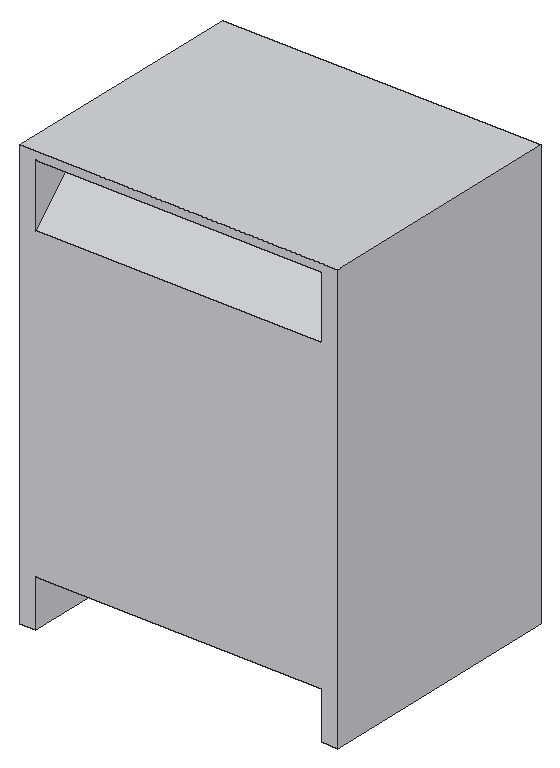
Revit family "M_Dry Type Transformer - 480-208Y120 - NEMA Type 2", category Electrical Equipment, Revit 2023
Family settings
  Round Connector Dimension = Use Diameter
  Part Type = Transformer
  OmniClass Number = 23.80.10.14.11
  OmniClass Title = Power Transformers
  Work Plane-Based = No
  Always vertical = Yes
  Cut with Voids When Loaded = No
  Maintain Annotation Orientation = No
  Shared = No
  Room Calculation Point = No
Parameters (values of type "15 kVA")
  Transformer Material = none
  Transformer Length = 508 mm
  built-in parameter 1140142 [instance] = -1
  Primary Voltage = 480 V
  Primary Number of Poles = 3
  built-in parameter 1140079 [instance] = 3
  Transformer Height = 686 mm
  built-in parameter 1140140 [instance] = 1 (stored number, unit not read)
  Load Classification = Transformer
  built-in parameter 1140083 [instance] = "Type 2"
  Transformer Width = 406 mm
  Default Elevation = 0 mm
  built-in parameter 1140087 [instance] = element -7000011
  Assembly Code = ""
Types (10, lengths in mm): name | Transformer Length | Transformer Height | Transformer Width
  15 kVA | 508 | 686 | 406
  45 kVA | 508 | 762 | 508
  30 kVA | 508 | 686 | 406
  75 kVA | 508 | 762 | 508
  112.5 kVA | 762 | 940 | 610
  150 kVA | 813 | 1111 | 686
  225 kVA | 889 | 1257 | 724
  300 kVA | 1041 | 1257 | 813
  500 kVA | 1219 | 1803 | 914
  750 kVA | 1422 | 1880 | 1029
Reference planes
  plane 1 "Center (Front/Back)": y = 384.716
  plane 2: z = 0
  plane 3 "Center (Left/Right)": x = 0
  plane 4: x = -254
  plane 5: x = 254
  plane 6: y = -21.284
  plane 7: z = 686
  plane 8: x = -228.6
  plane 9: x = 228.6
  plane 10: z = 76.2
  plane 11: z = 673.3
  plane 12: y = 80.316
  plane 13: z = 571.7
  plane 14: y = 283.116
  plane 15: y = 308.516
  plane 16: z = 152.4
Forms (mm)
  Extrusion 1, solid, material <- "Transformer Material", detail levels fine
    sketch origin (0, 0, 0) x (1, 0, 0) y (0, 1, 0)
      loop
        line (-254, -21.284) -> (254, -21.284) -> (254, 384.716) -> (-254, 384.716) -> (-254, -21.284)
    from 0 to 686
  Extrusion 2, void
    sketch origin (0, 384.716, 0) x (1, 0, 0) y (0, 0, 1)
      loop
        line (-228.6, 76.2) -> (-228.6, 0) -> (228.6, 0) -> (228.6, 76.2) -> (-228.6, 76.2)
    from 0 to 406
  Extrusion 3, void
    sketch origin (0, 0, 0) x (0, 1, 0) y (0, 0, 1)
      loop
        line (-21.284, 673.3) -> (-21.284, 571.7) -> (80.316, 673.3) -> (-21.284, 673.3)
    from -228.6 to 228.6
  Extrusion 4, void
    sketch origin (0, 0, 0) x (0, 1, 0) y (0, 0, 1)
      loop
        line (384.716, 673.3) -> (283.116, 673.3) -> (384.716, 571.7) -> (384.716, 673.3)
    from -228.6 to 228.6
  Extrusion 5, solid, material <- "Transformer Material", detail levels coarse+medium
    sketch origin (1419.491, 945.699, 0) x (1, 0, 0) y (0, 1, 0)
      loop
        line (-1673.491, -560.983) -> (-1673.491, -966.983) -> (-1165.491, -966.983) -> (-1165.491, -560.983) -> (-1673.491, -560.983)
    from 0 to 686
Cuts and joins
  Extrusion 2, Extrusion 3, Extrusion 4 cuts Extrusion 1
Dimensions and locks
  equal spacing: plane 4, plane 3 "Center (Left/Right)", plane 5
  "Transformer Length": plane 4 to plane 5
  "Transformer Width": plane 6 to plane 1 "Center (Front/Back)"
  "Transformer Height": plane 7 to plane 2
  locked: plane 4 to plane 8 at 25.4
  locked: plane 9 to plane 5 at 25.4
  locked: plane 10 to level at 76.2
  locked: plane 11 to plane 13 at 101.6
  locked: plane 7 to plane 11 at 12.7
  locked: plane 6 to plane 12 at 101.6
  locked: plane 14 to plane 1 "Center (Front/Back)" at 101.6
  locked: plane 1 "Center (Front/Back)" to plane 15 at 76.2
  locked: plane 16 to level at 152.4
  aligned and locked: plane 6 to Extrusion 1
  aligned and locked: Extrusion 1 to plane 4
  aligned and locked: plane 5 to Extrusion 1
  aligned and locked: plane 1 "Center (Front/Back)" to Extrusion 1
  aligned and locked: plane 7 to Extrusion 1
  aligned and locked: plane 10 to Extrusion 2
  aligned and locked: plane 9 to Extrusion 2
  aligned and locked: Extrusion 2 to plane 8
  aligned and locked: Extrusion 2 to level
  aligned and locked: Extrusion 2 to plane 6
  aligned and locked: plane 1 "Center (Front/Back)" to Extrusion 2
  aligned and locked: plane 11 to cut or joined group of Extrusion 1, Extrusion 2, Extrusion 3, Extrusion 4  (x2)
  aligned and locked: plane 6 to cut or joined group of Extrusion 1, Extrusion 2, Extrusion 3, Extrusion 4
  aligned and locked: plane 13 to cut or joined group of Extrusion 1, Extrusion 2, Extrusion 3, Extrusion 4  (x4)
  aligned and locked: plane 12 to cut or joined group of Extrusion 1, Extrusion 2, Extrusion 3, Extrusion 4
  aligned and locked: plane 9 to cut or joined group of Extrusion 1, Extrusion 2, Extrusion 3, Extrusion 4  (x2)
  aligned and locked: cut or joined group of Extrusion 1, Extrusion 2, Extrusion 3, Extrusion 4 to plane 8  (x2)
  aligned and locked: plane 1 "Center (Front/Back)" to cut or joined group of Extrusion 1, Extrusion 2, Extrusion 3, Extrusion 4
  aligned and locked: plane 14 to cut or joined group of Extrusion 1, Extrusion 2, Extrusion 3, Extrusion 4
  aligned and locked: Extrusion 5 to plane 1 "Center (Front/Back)"
  aligned and locked: Extrusion 5 to plane 6
  aligned and locked: plane 5 to Extrusion 5
  aligned and locked: Extrusion 5 to plane 4
  aligned and locked: Extrusion 5 to level
  aligned and locked: plane 7 to Extrusion 5
  aligned and locked: connector elem to plane 15
  aligned and locked: plane 16 to connector elem
Automatic sketch dimensions
  Extrusion 1 sketch curve to plane 1 "Center (Front/Back)" = 0 mm
  Extrusion 1 sketch curve to plane 4 = 0 mm
  Extrusion 1 sketch curve to plane 5 = 0 mm
  Extrusion 1 sketch curve to plane 6 = 0 mm
  plane 4 to Extrusion 2 sketch curve = 25.4 mm
  Extrusion 2 sketch curve to Extrusion 2 sketch curve = 457.2 mm
  Extrusion 2 sketch curve to level = 0 mm
  level to Extrusion 2 sketch curve = 76.2 mm
  Extrusion 3 sketch curve to plane 6 = 0 mm
  Extrusion 3 sketch curve to plane 12 = 0 mm
  Extrusion 3 sketch curve to plane 13 = 0 mm
  Extrusion 3 sketch curve to plane 11 = 0 mm
  Extrusion 4 sketch curve to plane 11 = 0 mm
  Extrusion 4 sketch curve to plane 14 = 0 mm
  Extrusion 4 sketch curve to plane 1 "Center (Front/Back)" = 0 mm
  Extrusion 4 sketch curve to plane 13 = 0 mm
  plane 4 to Extrusion 5 sketch curve = 0 mm
  Extrusion 5 sketch curve to Extrusion 5 sketch curve = 508 mm
  plane 6 to Extrusion 5 sketch curve = 0 mm
  Extrusion 5 sketch curve to Extrusion 5 sketch curve = 406 mm
Connectors
  electrical at (-254, 308.516, 152.4), driven by "Primary Number of Poles", driven by "Primary Voltage", driven by "Load Classification"
    settings: on plane 4, index 1, voltage 480 V, apparent load 0 VA, apparent load phase1 0 VA, apparent load phase2 0 VA, apparent load phase3 0 VA, power factor 1, load classification "Transformer", number of poles 3, system type 31, power factor state 1, is connector primary yes, connector utility no, sub classification motor no, connector description ""
  cabletrayconduit at (0, 181.716, 686), diameter 600
    settings: on cut or joined group of Extrusion 1, Extrusion 2, Extrusion 3, Extrusion 4, index 2, connector width 300 mm, connector height 300 mm, connector angle 0.00°, system type 32, placement type 1, profile type 0, connector reference index -1, is primary connector yes, connector utility param no, connector description ""
  cabletrayconduit at (-254, 181.716, 343), diameter 600
    settings: on cut or joined group of Extrusion 1, Extrusion 2, Extrusion 3, Extrusion 4, index 3, connector width 300 mm, connector height 300 mm, connector angle 0.00°, system type 32, placement type 1, profile type 0, connector reference index -1, is primary connector no, connector utility param no, connector description ""
  cabletrayconduit at (254, 181.716, 343), diameter 600
    settings: on cut or joined group of Extrusion 1, Extrusion 2, Extrusion 3, Extrusion 4, index 4, connector width 300 mm, connector height 300 mm, connector angle 0.00°, system type 32, placement type 1, profile type 0, connector reference index -1, is primary connector no, connector utility param no, connector description ""
  cabletrayconduit at (0, 384.716, 190.55), diameter 600
    settings: on cut or joined group of Extrusion 1, Extrusion 2, Extrusion 3, Extrusion 4, index 5, connector width 300 mm, connector height 300 mm, connector angle 0.00°, system type 32, placement type 1, profile type 0, connector reference index -1, is primary connector no, connector utility param no, connector description ""
  cabletrayconduit at (0, 181.716, 76.2), diameter 600
    settings: on cut or joined group of Extrusion 1, Extrusion 2, Extrusion 3, Extrusion 4, index 6, connector width 300 mm, connector height 300 mm, connector angle 0.00°, system type 32, placement type 1, profile type 0, connector reference index -1, is primary connector no, connector utility param no, connector description ""
